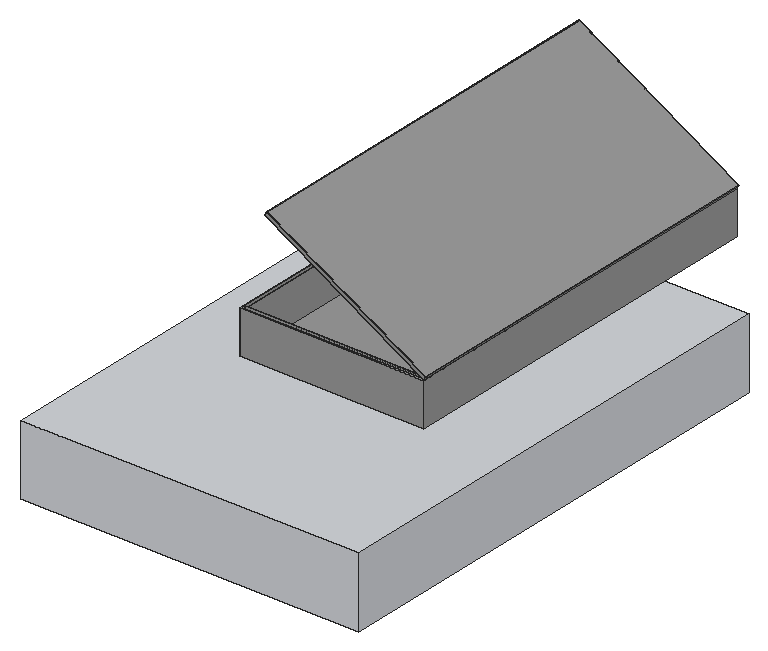
Revit family "Hager-Univers-IP44-D205-H1700-Cl.I-Encl-AT-de", category Equipement électrique, Revit 2020
Family settings
  Hôte = Face
  Configuration du panneau = Deux colonnes, circuits au sein
  Cote de connecteur circulaire = Utiliser le diamètre
  Type d'élément = Tableau de raccordement
  Couper avec des vides une fois chargée = Non
  Partagée = Non
  Point de calcul de pièce = Non
Parameters (values of type "Aufputz IP44 B800 H1700 T205  - FP13TN2")
  Width Control [instance] = if([EF000008 - Breite] > Min Width, [EF000008 - Breite], Min Width)  # 800 mm
  Commentaires du type = [HG000003 - Bereich]  # "Univers"
  Thickness Door [instance] = if([EF009171 - Materialstärke Tür/Deckel] > 3 mm, 3 mm, [EF009171 - Materialstärke Tür/Deckel])  # 1 mm
  Seal Frame Offset [instance] = 17 mm  # constant formula
  Plinth Visibility [instance] = [HG000027 - Sockelhöhe] > 0 mm  # no
  Model = ""
  Min Width [instance] = 100 mm  # constant formula
  Min Height [instance] = 100 mm  # constant formula
  Min Depth [instance] = (2 * [EF009170 - Materialstärke Gehäuse]) + 1 mm  # 3 mm
  Internal Frame Depth [instance] = (Door System Depth * 0.5)  # 9 mm
  Height Control [instance] = if([EF000040 - Höhe] > Min Height, [EF000040 - Höhe], Min Height)  # 1700 mm
  HG000027 - Sockelhöhe = 0 mm
  HG000026 - Stehend auf dem Boden = no
  HG000024 - Höhe des unteren Teils = 800 mm
  HG000023 - Gehäuse mit doppeltem Querschnitt = no
  HG000016 - 3D-Türsichtbarkeit [instance] = yes
  HG000015 - Sichtbarkeit der Türöffnung [instance] = no
  HG000014 - Tür rechts [instance] = yes
  HG000013 - Tür links [instance] = not([HG000014 - Tür rechts])  # no
  HG000012 - Türschwenkwinkel [instance] = 30.00°
  HG000010 - Asymmetrische Türen = no
  HG000009 - Doppelflügeligen Tür = no
  HG000006 - Unterputz = no
  HG000004 - Herstellerreferenz = "FP13TN2"
  HG000003 - Bereich = "Univers"
  HG000002 - Mit tür = yes
  Frame Offset Bottom [instance] = 10 mm  # constant formula
  Frame Offset [instance] = 15 mm  # constant formula
  EF015940 - Deckel mit Überdruckentlastung = no
  EF011959 - Schutzart (NEMA) = ""
  EF009554 - Anzahl der Öffnungen für Flanschplatten = 6
  Fabricant = "Hager"  # constant formula
  EF009212 - Ausführung Deckel = "EV000116 - geschlossen"
  EF009171 - Materialstärke Tür/Deckel = 1 mm
  EF009170 - Materialstärke Gehäuse = 1 mm
  EF008873 - Nennstrom (In) = 400 A
  EF007800 - Geeignet für Blitzschutz = no
  EF006306 - Mit Schloss = no
  EF006244 - Transparenter Deckel/Tür = no
  EF005474 - Schutzart (IP) = "EV006418 - IP44"
  EF004464 - Art der Tür = "EV002646 - Einzel"
  EF004427 - Anzahl der Module = 396
  EF004293 - Schlagfestigkeit = "EV006815 - IK09"
  EF003532 - Geeignet für Außengebrauch = no
  EF002950 - Breite in Teilungseinheiten = 36
  EF001613 - Funktionserhalt = "EV000494 - ohne"
  EF001596 - Werkstoff des Gehäuses = "EV000179 - Stahl"
  EF001131 - Innentiefe = 205 mm
  EF001088 - Anbaumöglichkeit = yes
  EF000437 - Anzahl der Leitungseinführungen = 6
  EF000339 - Art der Abdeckung = "EV001012 - Deckel"
  EF000266 - Anzahl der Reihen = 11
  EF000218 - Einbautiefe = 205 mm
  EF000118 - Mit Montageplatte = no
  EF000116 - RAL-Nummer = "9010"
  EF000049 - Tiefe = 205 mm
  EF000040 - Höhe = 1700 mm
  EF000008 - Breite = 800 mm
  EF000007 - Farbe = "EV000202 - weiß"
  EF000003 - Montageart = "EV000384 - Aufputz"
  Door System Leaf Tolerance [instance] = 1.5 mm  # constant formula
  Door System Depth [instance] = 18 mm  # constant formula
  Door Height [instance] = Height Control - [HG000027 - Sockelhöhe]  # 1700 mm
  Depth Control [instance] = if([EF000049 - Tiefe] > Min Depth, [EF000049 - Tiefe], Min Depth)  # 205 mm
  Default Elevation = 0 mm
  Connector Offset [instance] = Height Control / 2  # 850 mm
  Bottom Top Plate Trim [instance] = 1.5 mm  # constant formula
  Plinth height Ctrl [instance] = if([HG000027 - Sockelhöhe] > 0 mm, [HG000027 - Sockelhöhe], 12 mm)  # 12 mm
Types (4, lengths in mm): name | Width Control | HG000010 - Asymmetrische Türen | HG000009 - Doppelflügeligen Tür | HG000004 - Herstellerreferenz | EF009554 - Anzahl der Öffnungen für Flanschplatten | EF008873 - Nennstrom (In) | EF004464 - Art der Tür | EF004427 - Anzahl der Module | EF002950 - Breite in Teilungseinheiten | EF000437 - Anzahl der Leitungseinführungen | EF000008 - Breite
  Aufputz IP44 B1050 H1700 T205  - FP14TN2 | 1050 | no | yes | "FP14TN2" | 8 | 400 A | "EV003602 - Doppel" | 528 | 48 | 8 | 1050
  Aufputz IP44 B1300 H1700 T205  - FP15TN2 | 1300 | yes | yes | "FP15TN2" | 10 | 400 A | "EV003602 - Doppel" | 660 | 60 | 10 | 1300
  Aufputz IP44 B550 H1700 T205  - FP12TN2 | 550 | no | no | "FP12TN2" | 4 | 250 A | "EV002646 - Einzel" | 264 | 24 | 4 | 550
  Aufputz IP44 B800 H1700 T205  - FP13TN2 | 800 | no | no | "FP13TN2" | 6 | 400 A | "EV002646 - Einzel" | 396 | 36 | 6 | 800
Reference planes
  plane 1 "Center (Front/Back)": y = 0
  plane 2: z = 0
  plane 3 "Center (Left/Right)": x = 0
  plane 4: z = 205
  plane 5: y = 1
  plane 6: y = 850
  plane 7: y = 0
  plane 8: y = 1700
  plane 9: z = 0
  plane 10: x = -385
  plane 11: x = 385
  plane 12: x = 384
  plane 13: x = -384
  plane 14: y = 1699
  plane 15: x = -383
  plane 16: x = -400
  plane 17: x = 383
  plane 18: x = 400
  plane 19: x = 399
  plane 20: x = -399
  plane 21: y = 11
  plane 22: y = 1700
  plane 23: y = 1684
  plane 24: z = 187
  plane 25: z = 1
  plane 26: z = 186
  plane 27: z = 204
Forms (mm)
  Extrusion 1, solid
    sketch origin (0, 0, 0) x (1, 0, 0) y (0, 1, 0)
      loop
        line (-702.964, 1305) -> (-702.964, -811.445) -> (766.763, -811.445) -> (766.763, 1305) -> (-702.964, 1305)
    from 0 to -304.8
  Extrusion 2, solid, material "Hager_Steel_RAL7035_Light_Grey", visible <- "Plinth Visibility", detail levels medium+fine
    sketch origin (0, 0, 0) x (1, 0, 0) y (0, 1, 0)
      loop
        line (-400, 0) -> (400, 0) -> (400, 12) -> (-400, 12) -> (-400, 0)
    from 0 to 187
  Extrusion 3, solid, material "Hager_Steel_RAL7035_Light_Grey", detail levels medium+fine
    sketch origin (0, 0, 0) x (1, 0, 0) y (0, 1, 0)
      loop
        line (-400, 0) -> (400, 0) -> (400, 1700) -> (-400, 1700) -> (-400, 0)
    from 0 to 187
  Extrusion 4, void
    sketch origin (0, 0, 0) x (1, 0, 0) y (0, 1, 0)
      loop
        line (-399, 1) -> (399, 1) -> (399, 1699) -> (-399, 1699) -> (-399, 1)
    from 1 to 186
  Extrusion 5, void
    sketch origin (-381.607, -4572, 187) x (0, -1, 0) y (-1, 0, 0)
      loop
        line (-4583, 2.393) -> (-6256, 2.393) -> (-6256, -765.607) -> (-4583, -765.607) -> (-4583, 2.393)
    from 0 to 1 <- "EF009170 - Materialstärke Gehäuse"
  Extrusion 6, solid, material "Hager_Steel_RAL7035_Light_Grey", detail levels fine
    sketch origin (0, 0, 187) x (1, 0, 0) y (0, 1, 0)
      loop
        line (-384, 1684) -> (-384, 11) -> (384, 11) -> (384, 1684) -> (-384, 1684)
      loop
        line (-385, 10) -> (385, 10) -> (385, 1685) -> (-385, 1685) -> (-385, 10)
    from 0 to 9 <- "Internal Frame Depth"
  Extrusion 7, solid, material "Hager_Steel_RAL7035_Light_Grey", detail levels coarse
    sketch origin (0, 0, 0) x (1, 0, 0) y (0, 1, 0)
      loop
        line (-400, 0) -> (400, 0) -> (400, 1700) -> (-400, 1700) -> (-400, 0)
    from 0 to 205
  Sweep 8, void
    path in 3D
      loop
        line (-400, 12, 0) -> (400, 12, 0) -> (400, 12, 187) -> (-400, 12, 187) -> (-400, 12, 0)
    profile origin (-400, 12, 93.5) x (-1, 0, 0) y (0, -1, 0)
      loop
        line (0, 0) -> (0, 1.5) -> (-1.5, 1.5)
        arc (-1.5, 1.5) -> (-1.061, 0.439) -> (0, 0) r 1.5
Cuts and joins
  Extrusion 4, Extrusion 5 cuts Extrusion 3
  Sweep 8 cuts Extrusion 2
Lines and regions (mm)
  Masking region 1
    outline origin (0, 0, 0) x (1, 0, 0) y (0, 0, 1)
      loop
        line (-400, 205) -> (-400, 0) -> (400, 0) -> (400, 205) -> (-400, 205)
  Masking region 2, detail levels medium+fine
    outline origin (0, 140, 0) x (0, 1, 0) y (0, 0, 1)
      loop
        line (-140, 0) -> (1560, 0) -> (1560, 187) -> (-140, 187) -> (-140, 0)
  Masking region 3, not visible, detail levels medium+fine
    outline origin (0, 297.922, 0) x (0, 1, 0) y (0, 0, 1)
      loop
        line (563.578, 0) -> (603.578, 0) -> (603.578, 194)
        arc (603.578, 194) -> (600.649, 201.071) -> (593.578, 204) r 10
        line (593.578, 204) -> (563.578, 204) -> (563.578, 0)
  Masking region 4, detail levels coarse
    outline origin (0, 0, 180) x (0, 1, 0) y (0, 0, 1)
      loop
        line (0, -180) -> (1700, -180) -> (1700, 25) -> (0, 25) -> (0, -180)
  Masking region 5, visible <- "Plinth Visibility", detail levels medium+fine
    outline origin (0, 52.24, 12.345) x (0, 0, -1) y (0, 1, 0)
      loop
        line (10.845, -40.24) -> (-173.155, -40.24)
        arc (-173.155, -40.24) -> (-173.594, -41.301) -> (-174.655, -41.74) r 1.5
        line (-174.655, -41.74) -> (-174.655, -52.24) -> (12.345, -52.24) -> (12.345, -41.74)
        arc (12.345, -41.74) -> (11.285, -41.301) -> (10.845, -40.24) r 1.5
  Masking region 6, detail levels medium+fine
    outline origin (-381.607, -4572, 187) x (-1, 0, 0) y (0, -1, 0)
      loop
        line (18.393, -6272) -> (18.393, -4572) -> (-781.607, -4572) -> (-781.607, -6272) -> (18.393, -6272)
  Masking region 7, visible <- "Plinth Visibility", detail levels medium+fine
    outline origin (-381.607, -4727, 187) x (-1, 0, 0) y (0, -1, 0)
      loop
        arc (16.893, -4739) -> (17.332, -4737.939) -> (18.393, -4737.5) r 1.5
        line (18.393, -4737.5) -> (18.393, -4727) -> (-781.607, -4727) -> (-781.607, -4737.5)
        arc (-781.607, -4737.5) -> (-780.546, -4737.939) -> (-780.107, -4739) r 1.5
        line (-780.107, -4739) -> (16.893, -4739)
  Masking region 8, detail levels coarse
    outline origin (-442.548, -4669.526, 187) x (-1, 0, 0) y (0, -1, 0)
      loop
        line (-42.548, -6369.526) -> (-42.548, -4669.526) -> (-842.548, -4669.526) -> (-842.548, -6369.526) -> (-42.548, -6369.526)
  sketch lines
    curve 1: line (-400, 12, 187) -> (-400, 12, 0)
    curve 2: line (400, 12, 187) -> (-400, 12, 187)
    curve 3: line (400, 12, 187) -> (400, 12, 0)
    curve 4: line (-400, 12, 0) -> (400, 12, 0)
Dimensions and locks
  "Depth Control": plane 4 to Extrusion 1
  "HG000027 - Sockelhöhe": plane 1 "Center (Front/Back)" to plane 7
  "EF009170 - Materialstärke Gehäuse": plane 5 to plane 7
  locked: connector elem to plane 3 "Center (Left/Right)"
  equal spacing: plane 8, plane 6, plane 7
  locked: connector elem to plane 6
  "EF009170 - Materialstärke Gehäuse": plane 8 to plane 14
  "EF009170 - Materialstärke Gehäuse": plane 10 to plane 13
  "EF009170 - Materialstärke Gehäuse": plane 12 to plane 11
  "Frame Offset": plane 20 to plane 13
  "Frame Offset": plane 12 to plane 19
  "EF009170 - Materialstärke Gehäuse": plane 16 to plane 20
  "EF009170 - Materialstärke Gehäuse": plane 19 to plane 18
  "Seal Frame Offset": plane 16 to plane 15
  "Seal Frame Offset": plane 17 to plane 18
  "Frame Offset Bottom": plane 21 to plane 5
  "Frame Offset": plane 14 to plane 23
  equal spacing: plane 16, plane 3 "Center (Left/Right)", plane 18
  "Width Control": plane 16 to plane 18
  "EF009170 - Materialstärke Gehäuse": plane 4 to plane 27
  "EF009170 - Materialstärke Gehäuse": plane 24 to plane 26
  "EF009170 - Materialstärke Gehäuse": plane 25 to level
  "Door System Depth": plane 4 to plane 24
  "Height Control": plane 1 "Center (Front/Back)" to Extrusion 7 sketch curve
  "Height Control": Masking region 4 sketch curve to plane 1 "Center (Front/Back)"
  "Height Control": plane 1 "Center (Front/Back)" to plane 22
  "Bottom Top Plate Trim": profile plane to Sweep 8 sketch curve
  "Bottom Top Plate Trim": Sweep 8 sketch curve to profile plane
  "Plinth height Ctrl": plane 1 "Center (Front/Back)" to Extrusion 2 sketch curve
  "Plinth height Ctrl": Masking region 5 sketch curve to plane 1 "Center (Front/Back)"
  "Plinth height Ctrl": plane 1 "Center (Front/Back)" to Masking region 7 sketch curve
  "Thickness Door": Extrusion 6 sketch curve to Extrusion 6 sketch curve  (x3)
  "Thickness Door": cut or joined group of Extrusion 3, Extrusion 4, Extrusion 5 to Extrusion 6 sketch curve
  radius of Masking region 3 sketch curve = 10 mm
  "Bottom Top Plate Trim": radius of Masking region 5 sketch curve  (x2)
  "Bottom Top Plate Trim": radius of Sweep 8 sketch curve
  "Bottom Top Plate Trim": radius of Masking region 7 sketch curve  (x2)
  aligned and locked: plane 2 to Extrusion 1
  aligned and locked: level to Extrusion 1
  aligned and locked: level to Masking region 1 sketch curve
  aligned and locked: Masking region 1 sketch curve to plane 18
  aligned and locked: Masking region 1 sketch curve to plane 16
  aligned and locked: plane 7 to Masking region 2 sketch curve
  aligned and locked: level to Masking region 3 sketch curve
  aligned and locked: Masking region 3 sketch curve to plane 27
  aligned and locked: level to Masking region 2 sketch curve
  aligned and locked: plane 1 "Center (Front/Back)" to Extrusion 2 sketch curve
  aligned and locked: Extrusion 3 sketch curve to plane 7
  aligned and locked: plane 16 to Extrusion 3 sketch curve
  aligned and locked: plane 18 to Extrusion 3 sketch curve
  aligned and locked: plane 20 to Extrusion 4 sketch curve
  aligned and locked: plane 19 to Extrusion 4 sketch curve
  aligned and locked: Extrusion 4 sketch curve to plane 5
  aligned and locked: Extrusion 4 to plane 25
  aligned and locked: plane 26 to Extrusion 4
  aligned and locked: plane 24 to Extrusion 3
  aligned and locked: Extrusion 5 sketch curve to plane 21
  aligned and locked: Extrusion 5 sketch curve to plane 13
  aligned and locked: Extrusion 5 sketch curve to plane 12
  aligned and locked: plane 18 to Extrusion 7 sketch curve
  aligned and locked: plane 1 "Center (Front/Back)" to Extrusion 7 sketch curve
  aligned and locked: plane 16 to Extrusion 7 sketch curve
  aligned and locked: plane 4 to Extrusion 7
  aligned and locked: Extrusion 7 to level
  aligned and locked: level to Masking region 4 sketch curve
  aligned and locked: Masking region 4 sketch curve to plane 1 "Center (Front/Back)"
  aligned and locked: Masking region 4 sketch curve to plane 4
  aligned and locked: nested 1 to level
  aligned and locked: nested 1 to plane 16
  aligned and locked: plane 8 to Extrusion 3 sketch curve
  aligned and locked: plane 23 to Extrusion 5 sketch curve
  aligned and locked: plane 14 to Extrusion 4 sketch curve
  aligned and locked: Masking region 2 sketch curve to plane 8
  aligned and locked: level to Masking region 5 sketch curve
  aligned and locked: plane 16 to Extrusion 2 sketch curve
  aligned and locked: plane 18 to Extrusion 2 sketch curve
  aligned and locked: Masking region 5 sketch curve to plane 24
  aligned and locked: Masking region 2 sketch curve to plane 24
  aligned and locked: plane 24 to Extrusion 2
  aligned and locked: profile plane to Sweep 8 sketch curve  (x2)
  aligned and locked: Masking region 6 sketch curve to plane 18
  aligned and locked: Masking region 6 sketch curve to plane 22
  aligned and locked: Masking region 6 sketch curve to plane 16
  aligned and locked: plane 8 to plane 22
  aligned and locked: Masking region 6 sketch curve to plane 7
  aligned and locked: Masking region 7 sketch curve to plane 16
  aligned and locked: Masking region 7 sketch curve to plane 1 "Center (Front/Back)"
  aligned and locked: Masking region 7 sketch curve to plane 18
  aligned and locked: Masking region 8 sketch curve to plane 1 "Center (Front/Back)"
  aligned and locked: Masking region 8 sketch curve to plane 18
  aligned and locked: Masking region 8 sketch curve to plane 22
  aligned and locked: Masking region 8 sketch curve to plane 16
  aligned and locked: nested 2 to plane 7
  aligned and locked: plane 3 "Center (Left/Right)" to nested 2
  aligned and locked: nested 2 to plane 24
  aligned and locked: Extrusion 6 sketch curve to cut or joined group of Extrusion 3, Extrusion 4, Extrusion 5  (x4)
Automatic sketch dimensions
  Extrusion 1 sketch curve to Extrusion 1 sketch curve = 1469.727 mm
  Extrusion 1 sketch curve to Extrusion 1 sketch curve = 2116.445 mm
  Masking region 1 sketch curve to plane 4 = 0 mm
  plane 6 to Masking region 3 sketch curve = 11.5 mm
  Masking region 3 sketch curve to Masking region 3 sketch curve = 30 mm
  Masking region 5 sketch curve to plane 1 "Center (Front/Back)" = 0 mm
Nested families
  nested 1: "Hager_Enclosure_Symbol" at (-400, 0, 0) x (1, 0, 0) z (0, -1, 0), Height <- "Depth Control", Width <- "Width Control", type "Hager_Enclosure_Symbol"
    with Width_Ctrl 800 mm, Width 800 mm, Height_Ctrl 205 mm, Height 205 mm, A_Width_Int 13.453 mm, A_Width 161.438 mm, A_Height_Ctrl 179.375 mm, A_Height 179.375 mm
  nested 2: "EC000058_Univers_Door" at (0, 0, 187) x (1, 0, 0) z (0, 1, 0), Leaf_Tolerance <- "Door System Leaf Tolerance", Angle <- "HG000012 - Türschwenkwinkel", Door_Depth <- "Door System Depth", Door_Left <- "HG000013 - Tür links", Transparent <- "EF006244 - Transparenter Deckel/Tür", Assymetrical <- "HG000010 - Asymmetrische Türen", Width <- "Width Control", Clearance <- "HG000015 - Sichtbarkeit der Türöffnung", Double <- "HG000009 - Doppelflügeligen Tür", 3d_Door <- "HG000016 - 3D-Türsichtbarkeit", Lock_Visibility <- "EF006306 - Mit Schloss", Width_Ctrl <- "Width Control", Door_Right <- "HG000014 - Tür rechts", Door <- "HG000002 - Mit tür", Height <- "Door Height", Thickness <- "Thickness Door", type "EC000058_Univers_Door", detail levels medium+fine
    with min_wh 3 mm, Width_Ctrl 800 mm, Width 800 mm, Transparent no, Thickness 1 mm, Seal_Material Hager_Rubber, Lock_Visibility no, Lock_Material Hager_Plastic_RAL9005_Jet_Black, Leaf_Width 800 mm, Leaf_Tolerance_External_Sides 0 mm, Leaf_Tolerance 1.5 mm, Leaf_Offset 0 mm, Leaf_Height 1697 mm, Leaf_2_Width 800 mm, Leaf_2_Offset 400 mm, Leaf_1_Width 800 mm, Leaf_1_Offset 400 mm, Height_Ctrl 1700 mm, Height 1700 mm, Glass_Material Hager_Glass, Double_Clearance_Ctrl no, Double no, Door_Right_Ctrl yes, Door_Right yes, Door_Material Hager_Steel_RAL7035_Light_Grey, Door_Left_Ctrl no, Door_Left no, Door_Depth 18 mm, Door yes, Clearance_Material Hager_Clearance, Clearance_Depth 800 mm, Clearance_Ctrl no, Clearance no, Assymetrical no, Angle 30.00°, 3d_Door yes
Connectors
  electrical at (0, 850, 0)
    settings: on plane 9, index 1, voltage 0 V, apparent load 0 VA, apparent load phase1 0 VA, apparent load phase2 0 VA, apparent load phase3 0 VA, power factor 1, load classification "Other", number of poles 1, system type 30, power factor state 1, is connector primary yes, connector utility no, sub classification motor no, connector description ""
Definition of nested family "EC000058_Univers_Door"
  Parameters (values of type "EC000058_Univers_Door")
    min_wh [instance] = (2 * Thickness) + 1 mm  # 11 mm
    Width_Ctrl [instance] = 400 mm
    Width [instance] = 500 mm
    Transparent [instance] = yes
    Thickness [instance] = 5 mm
    Seal_Material [instance] = none
    Lock_Visibility [instance] = yes
    Lock_Material [instance] = none
    Leaf_Width [instance] = if((Width_Ctrl - 2 * Leaf_Tolerance_External_Sides) > 0 mm, (Width_Ctrl - 2 * Leaf_Tolerance_External_Sides), min_wh)  # 400 mm
    Leaf_Tolerance_External_Sides [instance] = 0 mm  # constant formula
    Leaf_Tolerance [instance] = 1.5 mm
    Leaf_Offset [instance] = 0 mm  # constant formula
    Leaf_Height [instance] = if((Height_Ctrl - 2 * Leaf_Tolerance) > 0 mm, (Height_Ctrl - 2 * Leaf_Tolerance), min_wh)  # 497 mm
    Leaf_2_Width [instance] = if(and(and(Double, Assymetrical), Door_Left), (Leaf_Width / 3) - (Leaf_Tolerance / 2), if(and(and(Double, Assymetrical), Door_Right), (Leaf_Width / 3) * 2 - (Leaf_Tolerance / 2), if(and(Double, not(Assymetrical)), (Leaf_Width / 2) - Leaf_Tolerance, Leaf_Width)))  # 400 mm
    Leaf_2_Offset [instance] = if(and(Double, Assymetrical), Leaf_2_Width / 2, if(and(Double, not(Assymetrical)), Leaf_Width / 4, Leaf_Width / 2))  # 200 mm
    Leaf_1_Width [instance] = if(and(and(Double, Assymetrical), Door_Right), (Leaf_Width / 3) - (Leaf_Tolerance / 2), if(and(and(Double, Assymetrical), Door_Left), (Width / 3) * 2 - (Leaf_Tolerance / 2), if(and(Double, not(Assymetrical)), (Leaf_Width / 2) - Leaf_Tolerance, Leaf_Width)))  # 400 mm
    Leaf_1_Offset [instance] = if(and(Double, Assymetrical), Leaf_1_Width / 2, if(and(Double, not(Assymetrical)), Leaf_Width / 4, Leaf_Width / 2))  # 200 mm
    Height_Ctrl [instance] = if(Height > min_wh, Height, min_wh)  # 500 mm
    Height [instance] = 500 mm
    Glass_Material [instance] = none
    Double_Clearance_Ctrl [instance] = and(Double, Clearance)  # no
    Double [instance] = no
    Door_Right_Ctrl [instance] = and(or(Door_Right, Double), Door)  # yes
    Door_Right [instance] = yes
    Door_Material [instance] = none
    Door_Left_Ctrl [instance] = and(or(Door_Left, Double), Door)  # no
    Door_Left [instance] = no
    Door_Depth [instance] = 30 mm
    Door [instance] = yes
    Default Elevation = 1219.2 mm
    Clearance_Material [instance] = none
    Clearance_Depth [instance] = if(Leaf_1_Width > Leaf_2_Width, Leaf_1_Width, Leaf_2_Width)  # 400 mm
    Clearance_Ctrl [instance] = and(not(Double), Clearance)  # yes
    Clearance [instance] = yes
    Assymetrical [instance] = yes
    Angle [instance] = 30.00°
    3d_Door [instance] = yes
  Reference planes
    plane 1 "Center (Front/Back)": y = 0
    plane 2 "Bottom": z = 0
    plane 3 "Center (Left/Right)": x = 0
    plane 4: z = 500
    plane 5: x = -200
    plane 6: x = 200
    plane 7: z = 500
    plane 8: x = -200
    plane 9: z = 0
    plane 10: x = 200
    plane 11: y = 0
    plane 12: z = 1.5
    plane 13: x = -600
    plane 14: y = -400
    plane 15: x = 600
    plane 16: x = 0
    plane 17: x = 0
    plane 18: x = -200
    plane 19: x = 200
    plane 20: z = 498.5
  Forms (mm)
    Extrusion 1, solid, material <- "Clearance_Material", visible <- "Double_Clearance_Ctrl"
      sketch origin (1200, 0, 0) x (1, 0, 0) y (0, 0, -1)
        loop
          line (-1800, -498.5) -> (-600, -498.5) -> (-600, 0) -> (-1800, 0) -> (-1800, -498.5)
      from 0 to -400
  Dimensions and locks
    equal spacing: plane 5, plane 3 "Center (Left/Right)", plane 6
    "Width_Ctrl": plane 5 to plane 6
    "Leaf_Offset": plane 5 to plane 8
    "Leaf_Offset": plane 6 to plane 10
    "Leaf_Offset": plane 9 to level
    "Leaf_Offset": plane 4 to plane 7
    "Height_Ctrl": plane 4 to level
    "Leaf_Tolerance": plane 12 to plane 9
    locked: plane 11 to plane 1 "Center (Front/Back)"
    "Leaf_1_Offset": plane 18 to plane 16
    "Leaf_2_Offset": plane 17 to plane 19
    "Leaf_1_Width": plane 13 to plane 8
    "Leaf_2_Width": plane 10 to plane 15
    "Clearance_Depth": plane 14 to plane 1 "Center (Front/Back)"
    "Leaf_Tolerance_External_Sides": plane 8 to plane 18
    "Leaf_Tolerance_External_Sides": plane 19 to plane 10
    "Leaf_Tolerance": plane 7 to plane 20
    aligned and locked: level to plane 2 "Bottom"
    aligned and locked: nested 1 to plane 16
    aligned and locked: nested 2 to plane 17
    aligned and locked: Extrusion 1 to plane 13
    aligned and locked: plane 15 to Extrusion 1
    aligned and locked: Extrusion 1 to plane 14
    aligned and locked: plane 12 to nested 1
    aligned and locked: nested 2 to plane 12
    aligned and locked: Extrusion 1 to plane 11
    aligned and locked: plane 20 to Extrusion 1
    aligned and locked: nested 2 to plane 11
    aligned and locked: nested 1 to plane 11
  Automatic sketch dimensions
    Extrusion 1 sketch curve to level = 0 mm
    plane 5 to Extrusion 1 sketch curve = 400 mm
    plane 6 to Extrusion 1 sketch curve = 400 mm
    Extrusion 1 sketch curve to plane 4 = 1.5 mm
  Nested families
    nested 1: "EC000058_Univers_Door_Leaf" at (0, 0, 1.5), Width <- "Leaf_1_Width", visible <- "Door_Left_Ctrl", Leaf_Height <- "Leaf_Height", Angle <- "Angle", 3d_Door <- "3d_Door", Transparent <- "Transparent", Clearance Material <- "Clearance_Material", Clearance <- "Clearance_Ctrl", Door_Material <- "Door_Material", Glass_Material <- "Glass_Material", Door_Depth <- "Door_Depth", Lock_Material <- "Lock_Material", Seal_Material <- "Seal_Material", Lock_Visibility <- "Lock_Visibility", Thickness <- "Thickness", type "EC000058_Univers_Door_Leaf"
      with Width 400 mm, Transparent_Glass_Offset 30 mm, Transparent_Ctrl yes, Transparent yes, Thickness 5 mm, Standard no, Seal_Material none, Seal_D2 8 mm, Seal_D1 1 mm, Offset_Internal_Frame 10 mm, Lock_Width 20 mm, Lock_Visibility_3d yes, Lock_Visibility yes, Lock_Thickness_3 3 mm, Lock_Thickness_2 1 mm, Lock_Thickness_1 3 mm, Lock_Radius_Offset_2 16 mm, Lock_Radius_Offset_1 15 mm, Lock_Radius_2 5 mm, Lock_Radius 6 mm, Lock_Offset 5 mm, Lock_Material none, Lock_Height 80 mm, Lock_Cover_Top_Offset_2d 17 mm, Lock_Cover_Height -65 mm, Leaf_Height 497 mm, Internal_Seal_Thickness 8 mm, Internal_Seal_Depth_2 4.5 mm, Internal_Frame_Depth 25 mm, Glass_Thickness -1 mm, Glass_Offset -2 mm, Glass_Material none, Door_Material none, Door_Depth 30 mm, Clearance Material none, Clearance yes, Angle_Ctrl 30.00°, Angle 30.00°, 3d_Door yes
    nested 2: "EC000058_Univers_Door_Leaf" at (0, 0, 1.5) x (-1, 0, 0) z (0, 0, 1), Width <- "Leaf_2_Width", visible <- "Door_Right_Ctrl", Leaf_Height <- "Leaf_Height", Angle <- "Angle", 3d_Door <- "3d_Door", Transparent <- "Transparent", Clearance Material <- "Clearance_Material", Clearance <- "Clearance_Ctrl", Door_Material <- "Door_Material", Glass_Material <- "Glass_Material", Door_Depth <- "Door_Depth", Lock_Material <- "Lock_Material", Seal_Material <- "Seal_Material", Lock_Visibility <- "Lock_Visibility", Thickness <- "Thickness", type "EC000058_Univers_Door_Leaf"
      with Width 400 mm, Transparent_Glass_Offset 30 mm, Transparent_Ctrl yes, Transparent yes, Thickness 5 mm, Standard no, Seal_Material none, Seal_D2 8 mm, Seal_D1 1 mm, Offset_Internal_Frame 10 mm, Lock_Width 20 mm, Lock_Visibility_3d yes, Lock_Visibility yes, Lock_Thickness_3 3 mm, Lock_Thickness_2 1 mm, Lock_Thickness_1 3 mm, Lock_Radius_Offset_2 16 mm, Lock_Radius_Offset_1 15 mm, Lock_Radius_2 5 mm, Lock_Radius 6 mm, Lock_Offset 5 mm, Lock_Material none, Lock_Height 80 mm, Lock_Cover_Top_Offset_2d 17 mm, Lock_Cover_Height -65 mm, Leaf_Height 497 mm, Internal_Seal_Thickness 8 mm, Internal_Seal_Depth_2 4.5 mm, Internal_Frame_Depth 25 mm, Glass_Thickness -1 mm, Glass_Offset -2 mm, Glass_Material none, Door_Material none, Door_Depth 30 mm, Clearance Material none, Clearance yes, Angle_Ctrl 30.00°, Angle 30.00°, 3d_Door yes
  Definition of nested family "EC000058_Univers_Door_Leaf"
    Parameters (values of type "EC000058_Univers_Door_Leaf")
      Width [instance] = 2000 mm
      Transparent_Glass_Offset [instance] = 30 mm
      Transparent_Ctrl [instance] = and(Transparent, [3d_Door])  # yes
      Transparent [instance] = yes
      Thickness [instance] = 5 mm
      Standard [instance] = and(not(Transparent), [3d_Door])  # no
      Seal_Material [instance] = none
      Seal_D2 [instance] = 8 mm  # constant formula
      Seal_D1 [instance] = 1 mm  # constant formula
      Offset_Internal_Frame [instance] = 10 mm  # constant formula
      Lock_Width [instance] = 20 mm  # constant formula
      Lock_Visibility_3d [instance] = and(Lock_Visibility, [3d_Door])  # yes
      Lock_Visibility [instance] = yes
      Lock_Thickness_3 [instance] = 3 mm  # constant formula
      Lock_Thickness_2 [instance] = 1 mm  # constant formula
      Lock_Thickness_1 [instance] = 3 mm  # constant formula
      Lock_Radius_Offset_2 [instance] = Lock_Radius_Offset_1 + 1 mm  # 16 mm
      Lock_Radius_Offset_1 [instance] = 15 mm  # constant formula
      Lock_Radius_2 [instance] = Lock_Radius - 1 mm  # 5 mm
      Lock_Radius [instance] = 6 mm  # constant formula
      Lock_Offset [instance] = 5 mm  # constant formula
      Lock_Material [instance] = none
      Lock_Height [instance] = 80 mm  # constant formula
      Lock_Cover_Top_Offset_2d [instance] = Lock_Radius_Offset_2 + 1 mm  # 17 mm
      Lock_Cover_Height [instance] = -(Lock_Height - Lock_Radius_Offset_1)  # -65 mm
      Leaf_Height [instance] = 2720.336 mm
      Internal_Seal_Thickness [instance] = 8 mm  # constant formula
      Internal_Seal_Depth_2 [instance] = 4.5 mm  # constant formula
      Internal_Frame_Depth [instance] = if(Door_Depth - Thickness > 5 mm, Door_Depth - Thickness, 5 mm)  # 25 mm
      Glass_Thickness [instance] = if(Thickness > 15 mm, Glass_Offset + 10 mm, -1 mm)  # -1 mm
      Glass_Offset [instance] = if(Thickness > 15 mm, -(Thickness + 10 mm) / 2, -2 mm)  # -2 mm
      Glass_Material [instance] = none
      Door_Material [instance] = none
      Door_Depth [instance] = 30 mm
      Default Elevation = 0 mm
      Clearance Material [instance] = none
      Clearance [instance] = yes
      Angle_Ctrl [instance] = if(Angle > 180.00°, 180.00°, Angle)  # 90.00°
      Angle [instance] = 90.00°
      3d_Door [instance] = yes
    Reference planes
      plane 1 "Center (Front/Back)": y = 0
      plane 2: z = 0
      plane 3 "Center (Left/Right)": x = 0
      plane 4: y = 2000
      plane 5: x = -1000
      plane 6: x = 1000
      plane 7: x = -3000
      plane 8: z = 2720.336
      plane 9: z = 30
      plane 10: z = 2690.336
      plane 11: x = 970
      plane 12: x = -970
      plane 13: y = -3
      plane 14: z = 107.833
      plane 15: y = -5
      plane 16: y = -223.314
      plane 17: x = -1000
      plane 18: z = 1360.168
      plane 19: y = 30
    Forms (mm)
      Extrusion 1, solid, material <- "Clearance Material", visible <- "Clearance"
        sketch origin (0, 0, 0) x (1, 0, 0) y (0, 0, 1)
          loop
            line (-3000, 2720.336) -> (-3000, 0) -> (1000, 0) -> (1000, 2720.336) -> (-3000, 2720.336)
        from 0 to -2000
      Extrusion 2, solid, material <- "Door_Material", visible <- "Standard", detail levels medium+fine
        sketch origin (-1000, 0, 0) x (0, 1, 0) y (-1, 0, 0)
          loop
            line (0, 30) -> (0, 25) -> (2000, 25) -> (2000, 30) -> (0, 30)
        from 0 to 2720.336 <- "Leaf_Height"
      Extrusion 3, solid, material <- "Door_Material", visible <- "Transparent_Ctrl", detail levels medium+fine
        sketch origin (-1000, 0, 0) x (0, 1, 0) y (-1, 0, 0)
          loop
            line (0, 25) -> (2000, 25) -> (2000, 30) -> (0, 30) -> (0, 25)
        from 0 to 2720.336 <- "Leaf_Height"
      Extrusion 4, void
        sketch origin (-1025, 2000, 0) x (0, 1, 0) y (0, 0, -1)
          loop
            line (-30, -2690.336) -> (-30, -30) -> (-1970, -30) -> (-1970, -2690.336) -> (-30, -2690.336)
        from 0 to 5 <- "Thickness"
      Sweep 5, solid, material <- "Seal_Material", visible <- "Transparent_Ctrl", detail levels fine
        path in 3D
          loop
            line (-1025, 30, 30) -> (-1025, 30, 2690.336) -> (-1025, 1970, 2690.336) -> (-1025, 1970, 30) -> (-1025, 30, 30)
        profile origin (-1025, 1000, 30) x (1, 0, 0) y (0, 0, 1)
          loop
            line (0, 0) -> (0, -8) -> (1, -8) -> (1, 0) -> (0, 0)
      Extrusion 6, solid, material <- "Glass_Material", visible <- "Transparent_Ctrl", detail levels medium+fine
        sketch origin (-1030, 0, 0) x (0, 1, 0) y (0, 0, -1)
          loop
            line (1970, -2690.336) -> (1970, -30) -> (30, -30) -> (30, -2690.336) -> (1970, -2690.336)
        from -2 <- "Glass_Offset" to -1 <- "Glass_Thickness"
      Extrusion 7, solid, material <- "Door_Material", visible <- "3d_Door", detail levels medium+fine
        sketch origin (-1025, 2000, 0) x (0, -1, 0) y (0, 0, -1)
          loop
            line (0, -2720.336) -> (2000, -2720.336) -> (2000, 0) -> (0, 0) -> (0, -2720.336)
          loop
            line (1995, -5) -> (5, -5) -> (5, -2715.336) -> (1995, -2715.336) -> (1995, -5)
        from 0 to 25 <- "Internal_Frame_Depth"
      Sweep 8, solid, material <- "Seal_Material", visible <- "Transparent_Ctrl", detail levels fine
        path in 3D
          loop
            line (-1025, 0, 0) -> (-1025, 2000, 0) -> (-1025, 2000, 2720.336) -> (-1025, 0, 2720.336) -> (-1025, 0, 0)
        profile origin (-1025, 0, 1360.168) x (1, 0, 0) y (0, 1, 0)
          loop
            line (0, 10) -> (2.975, 10)
            arc (2.975, 10) -> (4.053, 10.447) -> (4.5, 11.525) r 1.525
            line (4.5, 11.525) -> (4.5, 16.527)
            arc (4.5, 16.527) -> (4.069, 17.569) -> (3.027, 18) r 1.473
            line (3.027, 18) -> (0, 18) -> (0, 10)
      Extrusion 9, solid, material <- "Lock_Material", visible <- "Lock_Visibility_3d", detail levels fine
        sketch origin (-1030, 0, 0) x (0, 1, 0) y (0, 0, -1)
          loop
            arc (1993.5, -1400.168) -> (1994.561, -1399.729) -> (1995, -1398.668) r 1.5
            line (1995, -1398.668) -> (1995, -1320.168) -> (1975, -1320.168) -> (1975, -1398.668)
            arc (1975, -1398.668) -> (1975.439, -1399.729) -> (1976.5, -1400.168) r 1.5
            line (1976.5, -1400.168) -> (1993.5, -1400.168)
        from 3 <- "Lock_Thickness_1" to 0
      Blend 10, solid, material <- "Lock_Material", visible <- "Lock_Visibility_3d", detail levels fine
        base sketch origin (-1033, 0, 0) x (0, 1, 0) y (0, 0, -1)
          loop
            line (1975, -1320.168) -> (1975, -1398.668)
            arc (1975, -1398.668) -> (1975.439, -1399.729) -> (1976.5, -1400.168) r 1.5
            line (1976.5, -1400.168) -> (1993.5, -1400.168)
            arc (1993.5, -1400.168) -> (1994.561, -1399.729) -> (1995, -1398.668) r 1.5
            line (1995, -1398.668) -> (1995, -1320.168) -> (1975, -1320.168)
        top sketch origin (-1033, 0, 0) x (0, 1, 0) y (0, 0, -1)
          loop
            line (1976, -1320.168) -> (1976, -1398.668)
            arc (1976, -1398.668) -> (1976.146, -1399.022) -> (1976.5, -1399.168) r 0.5
            line (1976.5, -1399.168) -> (1993.5, -1399.168)
            arc (1993.5, -1399.168) -> (1993.854, -1399.022) -> (1994, -1398.668) r 0.5
            line (1994, -1398.668) -> (1994, -1320.168) -> (1976, -1320.168)
        from 0 to 1 <- "Lock_Thickness_2"
      Blend 11, solid, material <- "Lock_Material", visible <- "Lock_Visibility_3d", detail levels fine
        base sketch origin (-1034, 0, 0) x (0, 1, 0) y (0, 0, -1)
          loop
            line (1978, -1320.168) -> (1978, -1384.168)
            arc (1978, -1384.168) -> (1985, -1391.168) -> (1992, -1384.168) r 7
            line (1992, -1384.168) -> (1992, -1320.168) -> (1978, -1320.168)
        top sketch origin (-1034, 0, 0) x (0, 1, 0) y (0, 0, -1)
          loop
            line (1991, -1320.168) -> (1979, -1320.168) -> (1979, -1383.168)
            arc (1979, -1383.168) -> (1985, -1389.168) -> (1991, -1383.168) r 6
            line (1991, -1383.168) -> (1991, -1320.168)
        from 0 to 3 <- "Lock_Thickness_3"
      Extrusion 12, solid, material <- "Lock_Material", visible <- "Lock_Visibility_3d", detail levels fine
        sketch origin (-1030, 1975, 1320.168) x (1, 0, 0) y (0, -1, 0)
          loop
            line (-7, -19) -> (-7, -1) -> (0, -1) -> (0, 0) -> (-8, 0) -> (-8, -20) -> (0, -20) -> (0, -19) -> (-7, -19)
        from 0 to -65 <- "Lock_Cover_Height"
      Extrusion 13, void
        sketch origin (-1038, 1995, 1320.168) x (-1, 0, 0) y (0, 0, -1)
          loop
            line (-5, -65) -> (0, -65) -> (-5, -60) -> (-5, -65)
        from 0 to 20 <- "Lock_Width"
      Extrusion 14, void
        sketch origin (-1038, 1975, 1320.168) x (0, -1, 0) y (0, 0, -1)
          loop
            circle (-10, -15.995) r 6
          loop
            circle (-10, -15.995) r 5
        from 0 to 2
      Extrusion 15, solid, material <- "Lock_Material", visible <- "Lock_Visibility_3d", detail levels medium
        sketch origin (-1030, 0, 0) x (0, 1, 0) y (0, 0, -1)
          loop
            arc (1993.5, -1400.168) -> (1994.561, -1399.729) -> (1995, -1398.668) r 1.5
            line (1995, -1398.668) -> (1995, -1320.168) -> (1975, -1320.168) -> (1975, -1398.668)
            arc (1975, -1398.668) -> (1975.439, -1399.729) -> (1976.5, -1400.168) r 1.5
            line (1976.5, -1400.168) -> (1993.5, -1400.168)
        from 8 to 0
    Cuts and joins
      Extrusion 4 cuts Extrusion 3
      Extrusion 13, Extrusion 14 cuts Extrusion 9
      Extrusion 14 cuts Blend 11
      Extrusion 13, Extrusion 14 cuts Extrusion 12
      joined: Extrusion 9, Blend 10, Blend 11, Extrusion 12
      Extrusion 14 cuts Extrusion 15
    Lines and regions (mm)
      Masking region 1, visible <- "Lock_Visibility", detail levels fine
        outline origin (0, 0, 0) x (0, 1, 0) y (0, 0, 1)
          loop
            line (30, 1320.168) -> (33, 1320.168) -> (33, 1400.168) -> (30, 1400.168) -> (30, 1320.168)
      Masking region 2, visible <- "Lock_Visibility", detail levels fine
        outline origin (0, 3.143, 0) x (0, 1, 0) y (0, 0, 1)
          loop
            line (29.857, 1354.168) -> (30.857, 1354.168) -> (30.857, 1366.168) -> (29.857, 1366.168) -> (29.857, 1354.168)
      Masking region 3, detail levels medium+fine
        outline origin (0, 0, 0) x (0, 1, 0) y (0, 0, 1)
          loop
            line (0, 0) -> (30, 0) -> (30, 2720.336) -> (0, 2720.336) -> (0, 0)
      Masking region 4, detail levels medium+fine
        outline origin (0, 0, 0) x (1, 0, 0) y (0, 0, 1)
          loop
            line (-1000, 2720.336) -> (-1000, 0) -> (1000, 0) -> (1000, 2720.336) -> (-1000, 2720.336)
      Masking region 5, visible <- "Lock_Visibility", detail levels fine
        outline origin (-47.116, 0, 0) x (1, 0, 0) y (0, 0, 1)
          loop
            arc (1024.616, 1399.168) -> (1023.556, 1398.729) -> (1023.116, 1397.668) r 1.5
            line (1023.116, 1397.668) -> (1023.116, 1320.168) -> (1041.116, 1320.168) -> (1041.116, 1397.668)
            arc (1041.116, 1397.668) -> (1040.677, 1398.729) -> (1039.616, 1399.168) r 1.5
            line (1039.616, 1399.168) -> (1024.616, 1399.168)
      Masking region 6, visible <- "Lock_Visibility", detail levels medium+fine
        outline origin (-25, 0, 0) x (1, 0, 0) y (0, 0, 1)
          loop
            arc (1001.5, 1400.168) -> (1000.439, 1399.729) -> (1000, 1398.668) r 1.5
            line (1000, 1398.668) -> (1000, 1320.168) -> (1020, 1320.168) -> (1020, 1398.668)
            arc (1020, 1398.668) -> (1019.561, 1399.729) -> (1018.5, 1400.168) r 1.5
            line (1018.5, 1400.168) -> (1001.5, 1400.168)
      Masking region 7, visible <- "Lock_Visibility", detail levels fine
        outline origin (-73.735, 0, 0) x (1, 0, 0) y (0, 0, 1)
          loop
            line (1051.735, 1382.168) -> (1065.735, 1382.168) -> (1065.735, 1384.168)
            arc (1065.735, 1384.168) -> (1058.735, 1391.168) -> (1051.735, 1384.168) r 7
            line (1051.735, 1384.168) -> (1051.735, 1382.168)
      Masking region 8, visible <- "Lock_Visibility", detail levels fine
        outline origin (-73.735, 0, 0) x (1, 0, 0) y (0, 0, 1)
          loop
            line (1052.735, 1382.168) -> (1064.735, 1382.168) -> (1064.735, 1383.168)
            arc (1064.735, 1383.168) -> (1058.735, 1389.168) -> (1052.735, 1383.168) r 6
            line (1052.735, 1383.168) -> (1052.735, 1382.168)
      Masking region 9, visible <- "Lock_Visibility", detail levels fine
        outline origin (-25, 0, 0) x (1, 0, 0) y (0, 0, 1)
          loop
            line (1020, 1320.168) -> (1020, 1382.168) -> (1000, 1382.168) -> (1000, 1320.168) -> (1020, 1320.168)
      Masking region 10, detail levels medium+fine
        outline origin (0, 0, 0) x (1, 0, 0) y (0, 0, 1)
          loop
            circle (985, 1335.144) r 6
      Masking region 11, detail levels fine
        outline origin (0, 0, 0) x (1, 0, 0) y (0, 0, 1)
          loop
            circle (985, 1335.144) r 5
      Masking region 12, visible <- "Lock_Visibility", detail levels fine
        outline origin (0, 12.767, 0) x (0, 1, 0) y (0, 0, 1)
          loop
            line (20.233, 1320.168) -> (21.233, 1320.168) -> (21.233, 1399.168) -> (20.233, 1400.168) -> (20.233, 1320.168)
      Masking region 13, visible <- "Lock_Visibility", detail levels fine
        outline origin (0, 13.767, -10) x (0, 1, 0) y (0, 0, 1)
          loop
            line (20.233, 1330.168) -> (23.233, 1330.168) -> (23.233, 1399.168) -> (20.233, 1402.168) -> (20.233, 1330.168)
      Masking region 14, visible <- "Lock_Visibility", detail levels fine
        outline origin (0, 12.767, -10) x (0, 1, 0) y (0, 0, 1)
          loop
            line (20.233, 1330.168) -> (25.233, 1330.168) -> (25.233, 1399.305) -> (20.233, 1394.305) -> (20.233, 1330.168)
      Masking region 15, visible <- "Lock_Visibility", detail levels medium
        outline origin (0, 0, 0) x (0, 1, 0) y (0, 0, 1)
          loop
            line (30, 1320.168) -> (38, 1320.168) -> (38, 1400.168) -> (30, 1400.168) -> (30, 1320.168)
      Masking region 16, visible <- "Lock_Visibility", detail levels fine
        outline origin (-1000, 0, 0) x (0, 1, 0) y (-1, 0, 0)
          loop
            line (1975, 30) -> (1995, 30) -> (1995, 38) -> (1975, 38) -> (1975, 30)
          loop
            line (1979, 37) -> (1976, 37) -> (1976, 34) -> (1978, 34) -> (1979, 37)
          loop
            line (1994, 37) -> (1991, 37) -> (1992, 34) -> (1994, 34) -> (1994, 37)
      Masking region 17, visible <- "Lock_Visibility", detail levels medium
        outline origin (-1000, 0, 0) x (0, 1, 0) y (-1, 0, 0)
          loop
            line (1975, 30) -> (1995, 30) -> (1995, 38) -> (1975, 38) -> (1975, 30)
      symbolic lines
        curve 1: line (1000, 0, 0) -> (-3000, 0, 0)
        curve 2: arc (1000, 0, 0) -> (-1000, 2000, 0) -> (-3000, 0, 0) r 2000
        curve 4: line (-1030, 0, 0) -> (-1030, 2000, 0)
      reference lines
        curve 3: line (-1000, 0, 0) -> (-1000, 2000, 0)
      symbolic lines, detail levels medium+fine
        curve 5: line (-1030, 2000, 0) -> (-1025, 2000, 0)
        curve 7: line (-1025, 0, 0) -> (-1030, 0, 0)
        curve 8: line (-1025, 0, 0) -> (-1000, 0, 0)
        curve 9: line (-1000, 0, 0) -> (-1000, 2000, 0)
        curve 10: line (-1000, 2000, 0) -> (-1025, 2000, 0)
      symbolic lines, detail levels fine
        curve 6: line (-1025, 2000, 0) -> (-1025, 0, 0)
      sketch lines
        curve 11: line (-1025, 0, 2720.336) -> (-1025, 0, 0)
        curve 12: line (-1025, 2000, 0) -> (-1025, 0, 0)
        curve 13: line (-1025, 2000, 2720.336) -> (-1025, 2000, 0)
        curve 14: line (-1025, 0, 2720.336) -> (-1025, 2000, 2720.336)
        curve 15: line (-1025, 1970, 30) -> (-1025, 30, 30)
        curve 16: line (-1025, 30, 30) -> (-1025, 30, 2690.336)
        curve 17: line (-1025, 1970, 2690.336) -> (-1025, 1970, 30)
        curve 18: line (-1025, 30, 2690.336) -> (-1025, 1970, 2690.336)
      symbolic lines, visible <- "Transparent", detail levels medium+fine
        curve 19: line (-970, 0, 2690.336) -> (970, 0, 2690.336)
        curve 20: line (-970, 0, 30) -> (-970, 0, 2690.336)
        curve 21: line (970, 0, 30) -> (-970, 0, 30)
        curve 22: line (970, 0, 2690.336) -> (970, 0, 30)
    Dimensions and locks
      "Width": plane 1 "Center (Front/Back)" to plane 4
      equal spacing: plane 5, plane 3 "Center (Left/Right)", plane 6
      "Width": plane 5 to plane 6
      "Width": plane 7 to plane 5
      "Leaf_Height": plane 8 to level
      "Width": curve 5 to curve 3
      "Width": curve 3 to curve 3
      plane 8 to plane 10 = 30 mm
      plane 9 to level = 30 mm
      plane 12 to plane 5 = 30 mm
      plane 6 to plane 11 = 30 mm
      Extrusion 1 to Extrusion 4 sketch curve = 30 mm
      "Transparent_Glass_Offset": curve 3 to Extrusion 4 sketch curve
      "Transparent_Glass_Offset": Extrusion 4 sketch curve to cut or joined group of Extrusion 3, Extrusion 4  (x2)
      cut or joined group of Extrusion 3, Extrusion 4 to Extrusion 6 sketch curve = 30 mm
      "Transparent_Glass_Offset": cut or joined group of Extrusion 3, Extrusion 4 to Extrusion 4 sketch curve
      "Thickness": curve 6 to curve 4
      "Thickness": Extrusion 7 sketch curve to Extrusion 7 sketch curve  (x4)
      "Door_Depth": curve 4 to curve 3
      "Offset_Internal_Frame": profile plane to Sweep 8 sketch curve
      "Internal_Seal_Thickness": Sweep 8 sketch curve to Sweep 8 sketch curve
      "Internal_Seal_Depth_2": profile plane to Sweep 8 sketch curve
      "Seal_D1": profile plane to Sweep 5 sketch curve
      "Seal_D2": profile plane to Sweep 5 sketch curve
      "Thickness": Extrusion 2 sketch curve to Extrusion 2 sketch curve
      equal spacing: Extrusion 9 sketch curve, plane 18, Extrusion 9 sketch curve  (x2)
      equal spacing: Masking region 1 sketch curve, plane 18, Masking region 1 sketch curve
      "Lock_Height": Masking region 1 sketch curve to Masking region 1 sketch curve
      "Lock_Radius": Masking region 2 sketch curve to plane 18 to Masking region 2 sketch curve
      Masking region 2 sketch curve to Masking region 1 = 1 mm
      "Door_Depth": plane 19 to plane 1 "Center (Front/Back)"
      "Lock_Thickness_1": Masking region 1 sketch curve to plane 19
      "Lock_Width": Extrusion 9 sketch curve to Extrusion 9 sketch curve
      "Lock_Height": Extrusion 9 sketch curve to Extrusion 9 sketch curve
      "Lock_Offset": cut or joined group of Extrusion 3, Extrusion 4 to Extrusion 9 sketch curve
      equal spacing: plane 8, plane 18, level
      "Lock_Radius_Offset_1": Blend 11 sketch curve to Blend 10
      locked: Blend 10 to Blend 11 sketch curve at 2  (x2)
      locked: var sketch to Blend 11 sketch curve at 1  (x2)
      "Lock_Radius_Offset_2": Blend 11 sketch curve to Blend 10
      locked: Extrusion 12 sketch curve to Extrusion 12 sketch curve at 1  (x3)
      Masking region 6 sketch curve to Masking region 6 sketch curve = 80 mm
      "Lock_Height": Masking region 6 sketch curve to Masking region 6 sketch curve
      "Lock_Width": Masking region 6 sketch curve to Masking region 6 sketch curve
      locked: Masking region 6 to Masking region 5 sketch curve at 1  (x3)
      locked: Masking region 5 to Masking region 7 sketch curve at 2  (x2)
      "Lock_Radius_Offset_1": Masking region 5 to Masking region 7 sketch curve
      "Lock_Radius_Offset_2": Masking region 5 to Masking region 8 sketch curve
      locked: Masking region 7 to Masking region 8 sketch curve at 1  (x2)
      "Lock_Cover_Top_Offset_2d": Masking region 5 to Masking region 9 sketch curve
      equal spacing: Masking region 9, Masking region 10 sketch curve, Masking region 9
      equal spacing: Masking region 9, Masking region 11 sketch curve, Masking region 9
      Extrusion 15 sketch curve to Extrusion 15 sketch curve = 80 mm
      "Lock_Width": Extrusion 15 sketch curve to Extrusion 15 sketch curve
      "Lock_Height": Extrusion 15 sketch curve to Extrusion 15 sketch curve
      equal spacing: Extrusion 15 sketch curve, plane 18, Extrusion 15 sketch curve
      "Lock_Thickness_3": Masking region 13 sketch curve to Masking region 13 sketch curve
      "Lock_Height": Masking region 12 sketch curve to Masking region 12 sketch curve
      locked: Masking region 13 sketch curve to Masking region 1 at 8
      locked: Masking region 14 sketch curve to Masking region 13 at 1
      locked: Masking region 14 sketch curve to Masking region 1 at 10.863
      "Lock_Height": Masking region 15 sketch curve to Masking region 15 sketch curve
      "Lock_Offset": Extrusion 15 sketch curve to cut or joined group of Extrusion 3, Extrusion 4
      "Lock_Offset": plane 6 to Masking region 6 sketch curve
      radius of Sweep 8 sketch curve = 1.525 mm
      radius of Sweep 8 sketch curve = 1.473 mm
      radius of Extrusion 9 sketch curve = 1.5 mm  (x2)
      "Lock_Radius": radius of Extrusion 14 sketch curve
      "Lock_Radius_2": radius of Extrusion 14 sketch curve
      "Lock_Radius": radius of Masking region 10 sketch curve
      "Lock_Radius_2": radius of Masking region 11 sketch curve
      radius of Extrusion 15 sketch curve = 1.5 mm  (x2)
      "Angle_Ctrl": angle plane 1 "Center (Front/Back)" to curve 3
      locked: Masking region 12 sketch curve to Masking region 12 sketch curve (angle 45.00°)
      locked: Masking region 13 sketch curve to Masking region 13 sketch curve (angle 45.00°)
      locked: Masking region 14 sketch curve to Masking region 14 sketch curve (angle 45.00°)
      aligned and locked: level to plane 2
      aligned and locked: Extrusion 1 to curve 1
      aligned and locked: plane 6 to Extrusion 1
      aligned and locked: Extrusion 1 to plane 1 "Center (Front/Back)"
      aligned and locked: plane 4 to Extrusion 1
      aligned and locked: plane 8 to Extrusion 1
      aligned and locked: curve 7 to Extrusion 2 sketch curve
      aligned and locked: curve 5 to Extrusion 2 sketch curve
      aligned and locked: curve 7 to Extrusion 3 sketch curve
      aligned and locked: Extrusion 3 sketch curve to curve 4
      aligned and locked: Extrusion 3 sketch curve to curve 6
      aligned and locked: Extrusion 3 sketch curve to curve 5
      aligned and locked: curve 9 to curve 3
      aligned and locked: Extrusion 7 sketch curve to cut or joined group of Extrusion 3, Extrusion 4  (x4)
      aligned and locked: plane 17 to curve 3
      aligned and locked: plane 1 "Center (Front/Back)" to curve 3
      aligned and locked: plane 17 to plane 5
      aligned and locked: Sweep 8 sketch curve to profile plane
      aligned and locked: Sweep 5 sketch curve to profile plane  (x2)
      aligned and locked: Masking region 1 to Masking region 2 sketch curve
      aligned and locked: plane 19 to Masking region 1 sketch curve
      aligned and locked: plane 1 "Center (Front/Back)" to Masking region 3 sketch curve
      aligned and locked: plane 19 to Masking region 3 sketch curve
      aligned and locked: level to Masking region 3 sketch curve
      aligned and locked: Masking region 3 sketch curve to plane 8
      aligned and locked: plane 17 to Masking region 4 sketch curve
      aligned and locked: level to Masking region 4 sketch curve
      aligned and locked: Masking region 4 sketch curve to plane 8
      aligned and locked: plane 12 to curve 20
      aligned and locked: plane 10 to curve 19
      aligned and locked: plane 11 to curve 22
      aligned and locked: curve 21 to plane 9
      aligned and locked: Extrusion 2 sketch curve to cut or joined group of Extrusion 3, Extrusion 4
      aligned and locked: Blend 10 sketch curve to Extrusion 9  (x4)
      aligned and locked: Extrusion 9 to Blend 10 sketch curve
      aligned and locked: Blend 10 to Blend 11 sketch curve
      aligned and locked: Extrusion 12 sketch curve to Blend 11
      aligned and locked: Extrusion 12 sketch curve to Extrusion 9  (x4)
      aligned and locked: Masking region 5 sketch curve to Masking region 6
      aligned and locked: Masking region 9 sketch curve to Masking region 6  (x3)
      aligned and locked: Masking region 12 sketch curve to Masking region 1
      aligned and locked: Masking region 13 sketch curve to Masking region 1
      aligned and locked: Masking region 12 to Masking region 14
      aligned and locked: Masking region 14 sketch curve to Masking region 1
      aligned and locked: Masking region 15 sketch curve to Masking region 14
      aligned and locked: Masking region 13 sketch curve to Masking region 12
      aligned and locked: Masking region 16 sketch curve to cut or joined group of Extrusion 14, Extrusion 15  (x4)
      aligned and locked: Masking region 16 sketch curve to cut or joined group of Extrusion 9, Blend 10, Blend 11, Extrusion 12, Extrusion 13, Extrusion 14  (x6)
      aligned and locked: cut or joined group of Extrusion 9, Blend 10, Blend 11, Extrusion 12, Extrusion 13, Extrusion 14 to Masking region 16 sketch curve
      aligned and locked: Masking region 17 sketch curve to cut or joined group of Extrusion 14, Extrusion 15  (x3)
      aligned and locked: Masking region 17 sketch curve to cut or joined group of Extrusion 9, Blend 10, Blend 11, Extrusion 12, Extrusion 13, Extrusion 14
      aligned and locked: Masking region 9 to Masking region 8 sketch curve
      aligned and locked: Masking region 9 to Masking region 7 sketch curve
    Automatic sketch dimensions
      plane 1 "Center (Front/Back)" to curve 2 = 0 mm
      curve 2 to plane 5 = 0 mm
      Extrusion 1 sketch curve to level = 0 mm
      Extrusion 1 sketch curve to plane 7 = 0 mm
      Extrusion 1 sketch curve to plane 6 = 0 mm
      Extrusion 1 sketch curve to plane 8 = 0 mm
      Extrusion 3 to Extrusion 6 sketch curve = 30 mm  (x4)
      Masking region 4 sketch curve to plane 6 = 0 mm
      Blend 10 sketch curve to Extrusion 9 = 1.5 mm
      Blend 10 sketch curve to Extrusion 9 = 1 mm
      Extrusion 13 sketch curve to Extrusion 12 = 0 mm  (x2)
      Extrusion 12 to Extrusion 13 sketch curve = 3 mm
      Extrusion 13 sketch curve to Extrusion 12 = 5 mm
      Extrusion 14 sketch curve to Extrusion 14 sketch curve = 0 mm  (x2)
      Extrusion 14 sketch curve to Extrusion 12 = 10 mm
      Extrusion 14 sketch curve to Extrusion 12 = 15.995 mm
      Masking region 5 sketch curve to Masking region 5 sketch curve = 1.5 mm  (x2)
      Masking region 10 sketch curve to plane 18 = 25.024 mm
      Masking region 11 sketch curve to plane 18 = 25.024 mm
      plane 19 to Masking region 14 sketch curve = 3 mm
      Masking region 16 sketch curve to Masking region 16 sketch curve = 3 mm
      curve 4 to curve 3 = 0 mm
      Blend 10 to Blend 11 sketch curve = 0 mm
      Masking region 6 sketch curve to Masking region 6 sketch curve = 1.5 mm  (x2)
      Masking region 6 sketch curve to plane 18 = 40 mm
      plane 19 to Masking region 12 sketch curve = 3 mm
      Masking region 12 sketch curve to Masking region 12 sketch curve = 1 mm
      Masking region 15 sketch curve to plane 19 = 0 mm
      Masking region 15 sketch curve to plane 18 = 40 mm
      radius of Blend 10 sketch curve to Extrusion 9 = 1 mm
Definition of nested family "Hager_Enclosure_Symbol"
  Parameters (values of type "Hager_Enclosure_Symbol")
    Width_Ctrl [instance] = if(Width > 1 mm, Width, 1 mm)  # 102.27 mm
    Width [instance] = 102.27 mm
    Height_Ctrl [instance] = if(Height > 1 mm, Height, 1 mm)  # 66.5 mm
    A_Width_Int [instance] = if(A_Width / 12 > 2 mm, A_Width / 12, 2 mm)  # 4.364 mm
    A_Width [instance] = if(A_Height_Ctrl * 0.9 > 2 mm, A_Height_Ctrl * 0.9, 2 mm)  # 52.369 mm
    A_Height_Ctrl [instance] = if(A_Height > 2 mm, A_Height, 2 mm)  # 58.188 mm
    Height [instance] = 66.5 mm
    A_Height [instance] = Height - (Height / 8)  # 58.188 mm
  Reference planes
    plane 1 "Centre (avant/arrière)": y = 0
    plane 2: z = 0
    plane 3 "Centre (gauche/droite)": x = 0
    plane 4: x = 52.369
    plane 5: y = 33.042
    plane 6: y = 41.77
    plane 7: y = 66.5
    plane 8: x = 26.184
    plane 9: y = 37.406
    plane 10: x = 102.27
    plane 11: y = 66.5
    plane 12: y = 8.313
  Lines and regions (mm)
    Filled region 1, type "Solid_Black", in view "Niveau de réf."
      outline origin (0, 0, 0) x (1, 0, 0) y (0, 1, 0)
        loop
          line (52.369, 66.5) -> (33.188, 54.536) -> (45.365, 45.006) -> (52.369, 66.5)
    Filled region 2, type "Solid_Black", in view "Niveau de réf."
      outline origin (0, 0, 0) x (1, 0, 0) y (0, 1, 0)
        loop
          line (0, 0) -> (102.27, 0) -> (102.27, 66.5) -> (0, 0)
    detail lines, in view "Niveau de réf."
      curve 1: line (0, 8.313, 0) -> (26.184, 41.77, 0)
      curve 2: line (26.184, 41.77, 0) -> (26.184, 33.042, 0)
      curve 3: line (26.184, 33.042, 0) -> (52.369, 66.5, 0)
  Dimensions and locks
    "A_Width": plane 3 "Centre (gauche/droite)" to plane 4
    equal spacing: plane 3 "Centre (gauche/droite)", plane 8, plane 4
    equal spacing: plane 6, plane 9, plane 5
    equal spacing: curve 3, Filled region 1 sketch curve, Filled region 1 sketch curve
    "Height_Ctrl": plane 1 "Centre (avant/arrière)" to plane 11
    "A_Height_Ctrl": plane 11 to plane 12
    equal spacing: plane 11, plane 9, plane 12
    "A_Width_Int": plane 6 to plane 9
    "Width_Ctrl": plane 3 "Centre (gauche/droite)" to plane 10
    angle Filled region 1 sketch curve to curve 3 = 20.00°
    angle curve 3 to Filled region 1 sketch curve = 20.00°
    locked: curve 3 to Filled region 1 sketch curve (angle 90.00°)
    aligned and locked: plane 10 to Filled region 2
    aligned and locked: plane 11 to Filled region 2 sketch curve
    aligned and locked: plane 10 to Filled region 2 sketch curve
    aligned and locked: plane 3 "Centre (gauche/droite)" to curve 1
    aligned and locked: plane 12 to curve 1
    aligned and locked: plane 7 to plane 11
  Automatic sketch dimensions
    Filled region 1 sketch curve to plane 4 = 0 mm
    Filled region 1 sketch curve to plane 7 = 0 mm
    plane 1 "Centre (avant/arrière)" to Filled region 2 sketch curve = 0 mm
    Filled region 2 sketch curve to plane 3 "Centre (gauche/droite)" = 0 mm
    curve 2 to plane 6 = 0 mm
    curve 2 to plane 8 = 0 mm
    curve 3 to plane 4 = 0 mm
    curve 2 to plane 5 = 0 mm
    curve 3 to plane 7 = 0 mm
